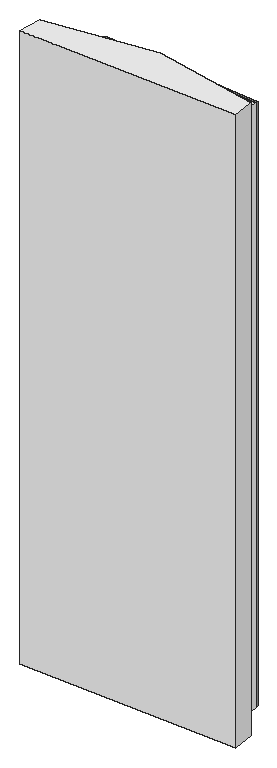
Revit family "JC KONTAKTER JCK110 Armbågskontakt", category Specialty Equipment, host Wall, Revit 2025
Family settings
  Host = Wall
  Round Connector Dimension = Use Diameter
  Part Type = Normal
  Enable Cutting in Views = Yes
  Always vertical = Yes
  Cut with Voids When Loaded = No
  Maintain Annotation Orientation = No
  Shared = No
  Room Calculation Point = No
Parameters (values of type "Armbågskontakt JCK110")
  URL = "https://jckontakter.se/produkt/armbagskontakter-plast/armbagskontakt-jck110/"
  Tillverkningsland = "Sverige"
  Tillvalsförteckning = "https://jckontakter.se/wp-content/uploads/sites/2/Tillval_metall_2024.pdf"
  Tekniskt produktblad = "https://jckontakter.se/wp-content/uploads/2019/06/JCK110.pdf"
  Produktvikt = "0.321 kg"
  Plate Finish = Stainless Steel EN 1.4301
  Placering av armbågskontakt = "https://jckontakter.se/start/nyheter-och-information/armbagskontakter-placering-riktlinjer/"
  Nominell märkström = "12 V - Resistive 6A Inductive L/R 5ms 6A, 24 V - Resistive 6A Inductive L/R 5ms 5A"
  Model = "JCK110"  # constant formula
  Mikrobrytare = "Standard NO IP67"
  Manufacturer = "JC Kontakter"  # constant formula
  Lägsta märkström = "1mA/4 V DC"
  Core Finish = ABS 750SW (Vit)
  Keynote = ""
  Lid Finish = ABS 750SW (Vit)
  Description = "JCK110 är en robust och stilren armbågskontakt med lock i rostfri metall och vit underdel.\r\nJCK110 levereras med 1st mikrobrytare i IP67, men går även att beställa med fler."  # constant formula
  Default Elevation = 0 mm
  CE Dokument = "https://jckontakter.se/wp-content/uploads/CE_Dokument.pdf"
  Assembly Code = ""
  Antal mikrobrytare = 1
Reference planes
  plane 1 "Wall": y = 0
  plane 2 "Center (Left/Right)": x = 125
  plane 3 "Back": y = 75
  plane 4 "A": z = 800
Lines and regions (mm)
  Masking region 1
    outline origin (0, 0, -100) x (1, 0, 0) y (0, 0, 1)
      loop
        line (175, 1145) -> (75, 1145) -> (75, 900) -> (175, 900) -> (175, 1145)
  symbolic lines
    curve 1: line (75, 125, 0) -> (175, 125, 0)
    curve 2: line (75, 75, 0) -> (75, 125, 0)
    curve 3: line (175, 75, 0) -> (75, 75, 0)
    curve 4: line (175, 125, 0) -> (175, 75, 0)
    curve 5: line (175, 0, 1045) -> (75, 0, 1045)
    curve 6: line (175, 0, 800) -> (175, 0, 1045)
    curve 7: line (75, 0, 800) -> (175, 0, 800)
    curve 8: line (75, 0, 1045) -> (75, 0, 800)
Text (mm)
  text "Placement Side" at (-1848.837, 1116.779, 0), in view "Ref. Level"
  text "Placement side" at (0, 1409.804, 2854.306), in view "Left"
  text "Placement side" at (0, 499.811, 2980.732), in view "Right"
Dimensions and locks
  locked: plane 3 "Back" to host wall
  locked: curve 3 to curve 1 at 50
  aligned and locked: plane 1 "Wall" to host wall
  aligned and locked: nested 1 to plane 3 "Back"
  aligned and locked: curve 3 to plane 3 "Back"
  aligned and locked: plane 4 "A" to curve 7
  aligned and locked: curve 6 to Masking region 1
  aligned and locked: Masking region 1 to curve 8
Nested families
  nested 1: "AK_110" at (125, 75, 800) x (-1, 0, 0) z (0, 0, 1), type "AK_110", detail levels medium+fine
Definition of nested family "AK_110"
  Parameters (values of type "AK_110")
    URL = "https://jckontakter.se/produkt/armbagskontakter-plast/armbagskontakt-jck110/"
    Model = "JCK110"  # constant formula
    Manufacturer = "JC Kontakter"  # constant formula
    Plate Finish = none
    Lid Finish = none
    Core Finish = none
    Description = "JCK110 är en robust och stilren armbågskontakt med lock i rostfri metall och vit underdel.\r\nJCK110 levereras med 1st mikrobrytare i IP67, men går även att beställa med fler."  # constant formula
    Default Elevation = 0 mm
  Reference planes
    plane 1 "Center (Front/Back)": y = 0
    plane 2: z = 0
    plane 3 "Center (Left/Right)": x = 0
    plane 4 "1": x = 47.5
    plane 5 "A": z = 5
    plane 6 "B": z = 245
  Forms (mm)
    Extrusion 1, solid, material <- "Core Finish"
      sketch origin (0, 0, 0) x (1, 0, 0) y (0, 1, 0)
        loop
          line (-47.5, 0) -> (-46.5, -10) -> (0, -18) -> (46.5, -10) -> (47.5, 0) -> (-47.5, 0)
      from 0 to 250
    Extrusion 2, void
      sketch origin (0, 0, 0) x (1, 0, 0) y (0, 1, 0)
        loop
          line (-42.5, -4) -> (-42.5, -18.223) -> (42.5, -18.223) -> (42.5, -4) -> (-42.5, -4)
      from 5 to 245
    Extrusion 3, solid, material <- "Lid Finish"
      sketch origin (0, 0, 5) x (-1, 0, 0) y (0, -1, 0)
        loop
          line (-42, 6) -> (42, 6) -> (41.473, 18.808) -> (-26.802, 21.808) -> (-41.637, 14.808) -> (-42, 6)
      from 0.5 to 239.5
    Extrusion 4, solid, material <- "Plate Finish"
      sketch origin (0, 0, 5) x (-1, 0, 0) y (0, -1, 0)
        loop
          line (41.473, 18.808) -> (41.517, 19.807) -> (-27.455, 22.838) -> (-42.064, 15.713) -> (-41.637, 14.808) -> (-26.802, 21.808) -> (41.473, 18.808)
      from 1 to 239.5
  Cuts and joins
    Extrusion 2 cuts Extrusion 1
  Dimensions and locks
    aligned and locked: level to plane 2
